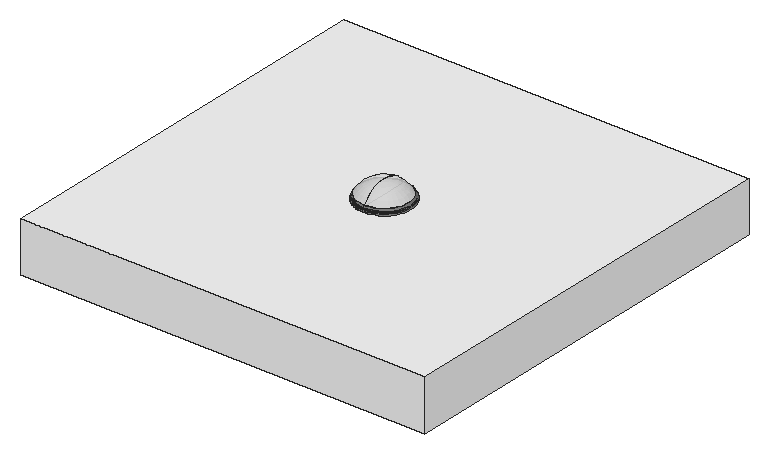
Revit family "Sarlam_Eclairage_Hublot_Astreo_T1_Diam_330mm_800Lm", category Luminaires, Revit 2020
Family settings
  Hôte = Face
  Cote de connecteur circulaire = Utiliser le diamètre
  Type d'élément = Normal
  Couper avec des vides une fois chargée = Non
  Source d'éclairage = Oui
  Partagée = Non
  Point de calcul de pièce = Non
Parameters (values of type "Détection ANTHRACITE")
  Zone plafond formes 8à9 [instance] = and(Diamètre externe = 328 mm, or(Standard Forme 8), not([Afficher la zone de détection-pose murale]), [Afficher la zone de détection-pose plafond])  # no
  Zone murale formes 8à9 [instance] = and(Diamètre externe = 328 mm, or(Standard Forme 8), [Afficher la zone de détection-pose murale], not([Afficher la zone de détection-pose plafond]))  # no
  Zone de détection = "Détection à 2,5m haut Plafond: Ø12m maxi Mur: Ellipse 10*8m"
  URL = "http://www.legrandoc.com/SL532186"
  Type de variation = "Non régulable"
  Type de tension = "CA"
  Tension nominale (Un) V MIN = 207
  Tension nominale (Un) V MAX = 253
  built-in parameter 1150107 = 3200 (stored number, unit not read)
  Température de couleur K MIN = 4000
  Température de couleur K MAX = 4000
  Standard Forme 8 = yes
  Source lumineuse = "Led non interchangeable"
  Répartition lumineuse = "Symétrique"
  Puissance du système W = 11
  Puissance de la source lumineuse W = ""
  Puissance de la lampe en Multiwatt = "Autre"
  Wattage = 9.2903 W
  built-in parameter 1150110 = 1 (stored number, unit not read)
  built-in parameter 1150109 = 1 (stored number, unit not read)
  built-in parameter 1114218 = 1 (stored number, unit not read)
  built-in parameter 1150113 = 1 (stored number, unit not read)
  built-in parameter 1150112 = 1 (stored number, unit not read)
  built-in parameter 1150137 = (empty or 0)
  built-in parameter 1150132 = (empty or 0)
  Modèle = "SL-532186"
  Longueur d'encastrement = 0 mm
  Longueur = 328 mm
  Largeur d'encastrement = 328 mm
  Largeur = 328 mm
  built-in parameter 1150105 = 109.82 (stored number, unit not read)
  built-in parameter 1150102 = (empty or 0)
  Hauteur/profondeur d'encastrement = 0 mm
  Hauteur/profondeur = 107 mm
  Dimming Lamp Color Temperature Shift = (empty or 0)
  Lumens = 1380 lm
  Color Filter = 16777215
  Fichier de distribution photométrique = "SL532080.ies"
  built-in parameter 1114217 = 1 (stored number, unit not read)
  built-in parameter 1150139 = (empty or 0)
  Fabricant = "LEGRAND"
  Emettre à partir du diamètre du cercle = 250 mm
  Emettre la visibilité des formes dans le rendu = no
  built-in parameter 1150104 = 13.8 (stored number, unit not read)
  built-in parameter 1150106 = 1.0982 (stored number, unit not read)
  built-in parameter 1150115 = 1 (stored number, unit not read)
  built-in parameter 1150114 = 1 (stored number, unit not read)
  Diamètre externe = 328 mm
  Diamètre d'encastrement = 0 mm
  Description = "ASTREO 800LM 4000K  STANDARD DETECTION ANTHRACITE"
  built-in parameter 1150138 = (empty or 0)
  built-in parameter 1150134 = 3
  Condition Générale d'Utilisation = "https://export.legrand.com/CGU-objets-BIM"
  Angle de l'inclinaison = 0.00°
  Afficher la zone de détection-pose plafond [instance] = no
  Afficher la zone de détection-pose murale [instance] = no
  Matériau du boîtier/corps = Plastique
  Indice de rendu des couleurs CRI = "80-89"
  Indice de protection contre les chocs (IK) = "IK07"
  Indice de protection (IP) = "IP44"
  Flux lumineux utile lm = 800
  Default Elevation = 2500 mm
  Douille = "Sans"
  Courant nominal mA MIN = 61
  Courant nominal mA MAX = 84
  Couleur du boîtier/corps = LEGRAND - Anthracite
  Classe de protection = "II"
  Avec détecteur de mouvement = yes
  Avec détecteur crépusculaire = no
  Appareillage = "Appareil à LED commandé en courant"
  Angle du faisceau = "Faisceau libre"
  Afficher l'étiquette de zone [instance] = no
  Adapté à une suspension = no
  Adapté à un montage encastré = no
  Adapté à un montage en saillie = yes
  Adapté à un montage en applique = yes
  Adapté à un montage au plafond = yes
  built-in parameter 1150133 = 10 (stored number, unit not read)
Types (4, lengths in mm): name | Zone de détection | URL | Puissance du système W | Modèle | Description | Couleur du boîtier/corps | Avec détecteur de mouvement
  ON/OFF BLANC | "" | "http://www.legrandoc.com/SL532180" | 10.5 | "SL-532180" | "ASTREO 800LM 4000K  STANDARD ON/OFF BLANC" | LEGRAND - Blanc | no
  ON/OFF ANTHRACITE | "" | "http://www.legrandoc.com/SL532181" | 10.5 | "SL-532181" | "ASTREO 800LM 4000K  STANDARD ON/OFF ANTHRACITE" | LEGRAND - Anthracite | no
  Détection BLANC | "Détection à 2,5m haut Plafond: Ø12m maxi Mur: Ellipse 10*8m" | "http://www.legrandoc.com/SL532185" | 11 | "SL-532185" | "ASTREO 800LM 4000K  STANDARD DETECTION BLANC" | LEGRAND - Blanc | yes
  Détection ANTHRACITE | "Détection à 2,5m haut Plafond: Ø12m maxi Mur: Ellipse 10*8m" | "http://www.legrandoc.com/SL532186" | 11 | "SL-532186" | "ASTREO 800LM 4000K  STANDARD DETECTION ANTHRACITE" | LEGRAND - Anthracite | yes
Reference planes
  plane 1 "Centre (avant/arrière)": y = 0
  plane 2: z = 0
  plane 3 "Centre (gauche/droite)": x = 0
  plane 4: z = 127
Forms (mm)
  Extrusion 1, solid, material "Blanc"
    sketch origin (0, 0, 0) x (1, 0, 0) y (0, 1, 0)
      loop
        line (-1219.2, 1219.2) -> (-1219.2, -1219.2) -> (1219.2, -1219.2) -> (1219.2, 1219.2) -> (-1219.2, 1219.2)
    from 0 to -304.8
Lines and regions (mm)
  model lines, not visible
    curve 1: line (0, 0, 0) -> (0, 0, 2230)
    curve 2: line (0, 0, 0) -> (0, 3300, 0)
    curve 3: line (0, 0, 0) -> (-2620, 0, 0)
Dimensions and locks
  level to plane 4 = 127 mm
  aligned and locked: plane 2 to Extrusion 1
  aligned and locked: level to Extrusion 1
  aligned and locked: imposter light to plane 4
  aligned and locked: plane 3 "Centre (gauche/droite)" to imposter light
Nested families
  nested 1: "Zone de détection murale Chartres-Astreo" at (0, 0, 0) x (0, 0, 1) z (0, -1, 0), visible <- "Afficher la zone de détection-pose murale", type "Zone de détection murale"
  nested 2: "Formes 1-2-3-4-6-7-8-9" at (0, 0, 0), type "Formes"
    with Standard Forme 8 yes
  nested 3: "Zone de détection plafond Chartres-Astreo" at (0, 0, 2500), visible <- "Afficher la zone de détection-pose plafond", type "Zone de détection plafond"
    with Zone plafond Formes 8à9 no
  nested 4: "Zone de détection murale Chartres-Astreo" at (0, 0, 0) x (0, 0, 1) z (1, 0, 0), visible <- "Afficher la zone de détection-pose murale", type "Zone de détection murale"
  nested 5: "Etiquette de zone" at (-35, 244, 0) x (-1, 0, 0) z (0, 0, 1), visible <- "Afficher l'étiquette de zone", type "Etiquette de zone"
Connectors
  electrical at (0, 0, 0)
    settings: on nested 2, index 1, voltage 230 V, apparent load 0 VA, apparent load phase1 0 VA, apparent load phase2 0 VA, apparent load phase3 0 VA, power factor 1, load classification "Eclairage", number of poles 1, system type 30, power factor state 1, is connector primary yes, connector utility no, sub classification motor no, connector description ""
Definition of nested family "Formes 1-2-3-4-6-7-8-9"
  Parameters (values of type "Formes")
    Standard Forme 8 = no
    Standard Formes 1-3-6 = no
    Matériau hublot = none
    Matériau corps = none
    Fl = if(Diamètre total < 325 mm, 70 mm, if(Diamètre total = 328 mm, 107 mm, 90 mm))  # 107 mm
    Default Elevation = 0 mm
    Dimension hublot = if(Diamètre total = 300 mm, 121.1 mm, if(Diamètre total = 322 mm, 129.3 mm, if(Diamètre total = 328 mm, 148.6 mm, if(Diamètre total = 420 mm, 179.2 mm, 185.3 mm))))  # 148.6 mm
    Diamètre total = 328 mm
    Courbure = if(Diamètre total = 300 mm, 195.7 mm, if(Diamètre total = 322 mm, 220.2 mm, if(Diamètre total = 328 mm, 179.2 mm, if(Diamètre total = 420 mm, 290 mm, 307.8 mm))))  # 179.2 mm
    Couleur corps = none
    Antivandale Forme 9 = no
    Antivandale Formes 2-4-7 = no
  Reference planes
    plane 1 "Centre (avant/arrière)": y = 0
    plane 2: z = 0
    plane 3 "Centre (gauche/droite)": x = 0
    plane 4: y = 164
    plane 5: y = -164
    plane 6: y = 148.6
  Forms (mm)
    Revolve 1, solid, material <- "Matériau hublot"
      sketch origin (0, 0, 0) x (0, 0, -1) y (0, 1, 0)
        loop
          arc (-28, 148.6) -> (-86.03, 84.151) -> (-107, 0) r 179.2
          line (-107, 0) -> (-28, 0) -> (-28, 148.6)
        axis (-28, 0) -> (-107, 0)
      angle from 0 to 360
  Dimensions and locks
    equal spacing: plane 4, plane 1 "Centre (avant/arrière)", plane 5
    "Diamètre total": plane 4 to plane 5
    equal spacing: plane 5, plane 1 "Centre (avant/arrière)", plane 4
    "Dimension hublot": plane 1 "Centre (avant/arrière)" to plane 6
    "Fl": Revolve 1 sketch curve to plane 2
    "Courbure": radius of Revolve 1 sketch curve
    aligned and locked: level to plane 2
    aligned and locked: plane 6 to Revolve 1 sketch curve
    aligned and locked: plane 2 to nested 2
  Automatic sketch dimensions
    Revolve 1 sketch curve to plane 1 "Centre (avant/arrière)" = 0 mm  (x2)
    level to Revolve 1 sketch curve = 28 mm
    Revolve 1 sketch curve to Revolve 1 sketch curve = 1811.469 mm
    Revolve 1 sketch curve to Revolve 1 sketch curve = 1147.22 mm
  Nested families
    nested 1: "Corps standard Formes 1-3-6" at (0, 0, 0), visible <- "Standard Formes 1-3-6", type "Corps standard Formes 1-3-6"
      with Diamètre 328 mm
    nested 2: "Corps antivandale Formes 2-4-7" at (0, 0, 0), visible <- "Antivandale Formes 2-4-7", type "Corps antivandale Formes 2-4-7"
      with Diamètre 328 mm
    nested 3: "Corps standard Forme 8" at (0, 0, 0), visible <- "Standard Forme 8", type "Corps standard Forme 8"
    nested 4: "Corps antivandale Forme 9" at (0, 0, 0), visible <- "Antivandale Forme 9", type "Corps antivandale Forme 9"
  Definition of nested family "Corps standard Formes 1-3-6"
    Parameters (values of type "Corps standard")
      Matériau corps = none
      Default Elevation = 0 mm
      Couleur corps = none
      Diamètre = 322 mm
      Courbure = if(Diamètre < 400 mm, 195.7 mm, 290 mm)  # 195.7 mm
    Reference planes
      plane 1 "Centre (avant/arrière)": y = 0
      plane 2: z = 0
      plane 3 "Centre (gauche/droite)": x = 0
      plane 4: y = 161
      plane 5: y = -161
      plane 6: z = 28
    Forms (mm)
      Revolve 1, solid, material <- "Couleur corps"
        sketch origin (0, 0, 0) x (0, 0, -1) y (0, 1, 0)
          loop
            line (0, 0) -> (0, 161)
            arc (0, 161) -> (-14.55, 149.906) -> (-28, 137.502) r 195.7
            line (-28, 137.502) -> (-28, 0) -> (0, 0)
          axis (0, 0) -> (-28, 0)
        angle from 0 to 360
    Dimensions and locks
      equal spacing: plane 4, plane 1 "Centre (avant/arrière)", plane 5
      "Diamètre": plane 4 to plane 5
      equal spacing: plane 5, plane 1 "Centre (avant/arrière)", plane 4
      "Courbure": radius of Revolve 1 sketch curve
      aligned and locked: level to plane 2
      aligned and locked: plane 2 to Revolve 1  (x2)
      aligned and locked: Revolve 1 to plane 2
      aligned and locked: plane 6 to Revolve 1
    Automatic sketch dimensions
      Revolve 1 sketch curve to plane 1 "Centre (avant/arrière)" = 0 mm  (x3)
      Revolve 1 sketch curve to plane 6 = 0 mm
      Revolve 1 sketch curve to level = 0 mm
      Revolve 1 sketch curve to plane 4 = 0 mm
      plane 6 to Revolve 1 sketch curve = 1833.51 mm
      Revolve 1 sketch curve to Revolve 1 sketch curve = 1167.217 mm
  Definition of nested family "Corps antivandale Formes 2-4-7"
    Parameters (values of type "Corps antivandale")
      Rayon réseau vis = if(Diamètre < 400 mm, 137.2 mm, 193.2 mm)  # 137.2 mm
      Matériau corps = none
      Default Elevation = 0 mm
      Diamètre = 322 mm
      Courbure = if(Diamètre < 400 mm, 220.2 mm, 307.8 mm)  # 220.2 mm
      Couleur corps = none
    Reference planes
      plane 1 "Centre (avant/arrière)": y = 0
      plane 2: z = 0
      plane 3 "Centre (gauche/droite)": x = 0
      plane 4: y = 161
      plane 5: y = -161
      plane 6: z = 28
      plane 7: through (0, 0, 1200) normal (0.5, 0.866, 0)
      plane 8: through (0, 0, 1200) normal (0.5, -0.866, 0)
    Forms (mm)
      Revolve 1, solid, material <- "Couleur corps"
        sketch origin (0, 0, 0) x (0, 0, -1) y (0, 1, 0)
          loop
            line (0, 0) -> (0, 161)
            arc (0, 161) -> (-14.762, 145.835) -> (-28, 129.323) r 220.2
            line (-28, 129.323) -> (-28, 0) -> (0, 0)
          axis (0, 0) -> (-28, 0)
        angle from 0 to 360
      Extrusion 2, solid, material <- "Couleur corps"
        sketch origin (0, -0.04, 0) x (1, 0, 0) y (0, 1, 0)
          loop
            line (-4, 129.32) -> (-4, 137.3)
            arc (-4, 137.3) -> (0, 141.3) -> (4, 137.3) r 4
            line (4, 137.3) -> (4, 129.32)
            arc (4, 129.32) -> (5, 129.285) -> (6, 129.243) r 129.323
            line (6, 129.243) -> (6, 137.3)
            arc (6, 137.3) -> (0, 143.3) -> (-6, 137.3) r 6
            line (-6, 137.3) -> (-6, 129.243)
            arc (-6, 129.243) -> (-5, 129.285) -> (-4, 129.32) r 129.323
        from 15.189 to 28
      Extrusion 3, solid, material <- "Couleur corps"
        sketch origin (-0.035, 0.02, 0) x (-0.5, -0.866025, 0) y (0.866025, -0.5, 0)
          loop
            line (-4, 129.32) -> (-4, 137.3)
            arc (-4, 137.3) -> (0, 141.3) -> (4, 137.3) r 4
            line (4, 137.3) -> (4, 129.32)
            arc (4, 129.32) -> (5, 129.285) -> (6, 129.243) r 129.323
            line (6, 129.243) -> (6, 137.3)
            arc (6, 137.3) -> (0, 143.3) -> (-6, 137.3) r 6
            line (-6, 137.3) -> (-6, 129.243)
            arc (-6, 129.243) -> (-5, 129.285) -> (-4, 129.32) r 129.323
        from 15.189 to 28
      Extrusion 4, solid, material <- "Couleur corps"
        sketch origin (0.035, 0.02, 0) x (-0.5, 0.866025, 0) y (-0.866025, -0.5, 0)
          loop
            line (-4, 129.32) -> (-4, 137.3)
            arc (-4, 137.3) -> (0, 141.3) -> (4, 137.3) r 4
            line (4, 137.3) -> (4, 129.32)
            arc (4, 129.32) -> (5, 129.285) -> (6, 129.243) r 129.323
            line (6, 129.243) -> (6, 137.3)
            arc (6, 137.3) -> (0, 143.3) -> (-6, 137.3) r 6
            line (-6, 137.3) -> (-6, 129.243)
            arc (-6, 129.243) -> (-5, 129.285) -> (-4, 129.32) r 129.323
        from 15.189 to 28
      Revolve 5, solid
        sketch origin (0, 0.018, -12.656) x (0, 1, 0) y (0, 0, 1)
          loop
            line (136.525, 38.942) -> (136.525, 29.094) -> (136.962, 29.907) -> (137.751, 35.518) -> (140.148, 38.942) -> (136.525, 38.942)
          axis (136.525, 29.094) -> (136.525, 38.942)
        angle from 0 to 360
      Revolve 6, solid
        sketch origin (0.016, -0.009, -12.656) x (0.866025, -0.5, 0) y (0, 0, 1)
          loop
            line (136.525, 38.942) -> (136.525, 29.094) -> (136.962, 29.907) -> (137.751, 35.518) -> (140.148, 38.942) -> (136.525, 38.942)
          axis (136.525, 29.094) -> (136.525, 38.942)
        angle from 0 to 360
      Revolve 7, solid
        sketch origin (-0.016, -0.009, -12.656) x (-0.866025, -0.5, 0) y (0, 0, 1)
          loop
            line (136.525, 38.942) -> (136.525, 29.094) -> (136.962, 29.907) -> (137.751, 35.518) -> (140.148, 38.942) -> (136.525, 38.942)
          axis (136.525, 29.094) -> (136.525, 38.942)
        angle from 0 to 360
    Cuts and joins
      joined: Revolve 1, Extrusion 2
    Lines and regions (mm)
      model lines
        curve 1: line (-2.5, 136.543, 26.285) -> (2.5, 136.543, 26.285)
        curve 2: line (0, 138.995, 26.285) -> (0, 133.995, 26.285)
        curve 3: line (119.5, -66.107, 26.285) -> (117, -70.437, 26.285)
        curve 4: line (120.373, -69.497, 26.285) -> (116.043, -66.997, 26.285)
        curve 5: line (-117, -70.437, 26.285) -> (-119.5, -66.107, 26.285)
        curve 6: line (-120.373, -69.497, 26.285) -> (-116.043, -66.997, 26.285)
    Dimensions and locks
      equal spacing: plane 4, plane 1 "Centre (avant/arrière)", plane 5
      "Diamètre": plane 4 to plane 5
      equal spacing: plane 5, plane 1 "Centre (avant/arrière)", plane 4
      "Courbure": radius of Revolve 1 sketch curve
      "Rayon réseau vis": radius of radial array
      aligned and locked: level to plane 2
      aligned and locked: plane 2 to Revolve 1  (x2)
      aligned and locked: Revolve 1 to plane 2
      aligned and locked: plane 6 to Revolve 1
    Automatic sketch dimensions
      Extrusion 2 sketch curve to Extrusion 2 sketch curve = 0 mm  (x9)
      Extrusion 2 sketch curve to Extrusion 2 sketch curve = 7.98 mm
      Extrusion 2 sketch curve to Extrusion 2 sketch curve = 0.077 mm
      Extrusion 2 sketch curve to Extrusion 2 sketch curve = 2 mm
      Extrusion 2 sketch curve to Extrusion 2 sketch curve = 4 mm
      Extrusion 2 sketch curve to Extrusion 2 sketch curve = 6 mm
      Extrusion 3 sketch curve to Extrusion 3 sketch curve = 0 mm  (x9)
      Extrusion 3 sketch curve to Extrusion 3 sketch curve = 7.98 mm
      Extrusion 3 sketch curve to Extrusion 3 sketch curve = 0.077 mm
      Extrusion 3 sketch curve to Extrusion 3 sketch curve = 2 mm
      Extrusion 3 sketch curve to Extrusion 3 sketch curve = 4 mm
      Extrusion 3 sketch curve to Extrusion 3 sketch curve = 6 mm
      Extrusion 4 sketch curve to Extrusion 4 sketch curve = 0 mm  (x9)
      Extrusion 4 sketch curve to Extrusion 4 sketch curve = 7.98 mm
      Extrusion 4 sketch curve to Extrusion 4 sketch curve = 0.077 mm
      Extrusion 4 sketch curve to Extrusion 4 sketch curve = 2 mm
      Extrusion 4 sketch curve to Extrusion 4 sketch curve = 4 mm
      Extrusion 4 sketch curve to Extrusion 4 sketch curve = 6 mm
      Revolve 7 sketch curve to Revolve 7 sketch curve = 0.437 mm  (x2)
      Revolve 7 sketch curve to Revolve 7 sketch curve = 1.226 mm  (x2)
      Revolve 7 sketch curve to Revolve 7 sketch curve = 2.397 mm
      Revolve 7 sketch curve to Revolve 7 sketch curve = 0.813 mm  (x2)
      Revolve 7 sketch curve to Revolve 7 sketch curve = 5.611 mm  (x2)
      Revolve 7 sketch curve to Revolve 7 sketch curve = 3.424 mm  (x2)
      Revolve 7 sketch curve to Revolve 7 sketch curve = 0 mm  (x2)
      Revolve 7 sketch curve to Revolve 7 sketch curve = 0.975 mm
      Revolve 7 sketch curve to Revolve 7 sketch curve = 3.281 mm  (x2)
      Revolve 5 sketch curve to Revolve 5 sketch curve = 0.437 mm  (x2)
      Revolve 5 sketch curve to Revolve 5 sketch curve = 1.226 mm  (x2)
      Revolve 5 sketch curve to Revolve 5 sketch curve = 3.623 mm
      Revolve 5 sketch curve to Revolve 5 sketch curve = 5.611 mm  (x2)
      Revolve 5 sketch curve to Revolve 5 sketch curve = 3.424 mm  (x2)
      Revolve 5 sketch curve to Revolve 5 sketch curve = 0 mm  (x2)
      Revolve 5 sketch curve to Revolve 5 sketch curve = 0.813 mm  (x2)
      Revolve 5 sketch curve to Revolve 5 sketch curve = 0.162 mm
      Revolve 5 sketch curve to Revolve 5 sketch curve = 3.281 mm  (x2)
      Revolve 6 sketch curve to Revolve 6 sketch curve = 0.437 mm  (x2)
      Revolve 6 sketch curve to Revolve 6 sketch curve = 1.226 mm  (x2)
      Revolve 6 sketch curve to Revolve 6 sketch curve = 3.623 mm
      Revolve 6 sketch curve to Revolve 6 sketch curve = 5.611 mm  (x2)
      Revolve 6 sketch curve to Revolve 6 sketch curve = 3.424 mm  (x2)
      Revolve 6 sketch curve to Revolve 6 sketch curve = 0 mm  (x2)
      Revolve 6 sketch curve to Revolve 6 sketch curve = 0.813 mm  (x2)
      Revolve 6 sketch curve to Revolve 6 sketch curve = 0.162 mm
      Revolve 6 sketch curve to Revolve 6 sketch curve = 3.281 mm  (x2)
      Revolve 7 sketch curve to Revolve 7 sketch curve = 3.623 mm
      Revolve 7 sketch curve to Revolve 7 sketch curve = 0.162 mm
      curve 2 to Revolve 5 = 0 mm
      curve 2 to curve 1 = 2.548 mm
      curve 1 to curve 2 = 2.452 mm
      Revolve 5 to curve 1 = 2.5 mm
      curve 1 to Revolve 5 = 2.5 mm
      curve 4 to Revolve 6 = 0 mm
      curve 4 to curve 3 = 2.548 mm
      curve 3 to curve 4 = 2.452 mm
      Revolve 6 to curve 3 = 2.5 mm
      curve 3 to Revolve 6 = 2.5 mm
      curve 6 to Revolve 7 = 0 mm
      curve 6 to curve 5 = 2.548 mm
      curve 5 to curve 6 = 2.452 mm
      Revolve 7 to curve 5 = 2.5 mm
      curve 5 to Revolve 7 = 2.5 mm
      Revolve 5 sketch curve to Revolve 5 sketch curve = 2.397 mm
      Revolve 5 sketch curve to Revolve 5 sketch curve = 0.975 mm
      Revolve 6 sketch curve to Revolve 6 sketch curve = 2.397 mm
      Revolve 6 sketch curve to Revolve 6 sketch curve = 0.975 mm
      Revolve 1 sketch curve to plane 1 "Centre (avant/arrière)" = 0 mm  (x3)
      Revolve 1 sketch curve to plane 6 = 0 mm
      Revolve 1 sketch curve to level = 0 mm
      Revolve 1 sketch curve to plane 4 = 0 mm
      plane 6 to Revolve 1 sketch curve = 1833.51 mm
      Revolve 1 sketch curve to Revolve 1 sketch curve = 1128.321 mm
  Definition of nested family "Corps standard Forme 8"
    Parameters (values of type "Corps standard Forme 8")
      Matériau corps = none
      Default Elevation = 0 mm
      Couleur corps = none
      Diamètre = 328 mm
    Reference planes
      plane 1 "Centre (avant/arrière)": y = 0
      plane 2: z = 0
      plane 3 "Centre (gauche/droite)": x = 0
      plane 4: y = 164
      plane 5: y = -164
      plane 6: z = 28
      plane 7: y = 7.5
      plane 8: y = -7.5
    Forms (mm)
      Revolve 1, solid, material <- "Couleur corps"
        sketch origin (0, 0, 0) x (0, 0, -1) y (0, 1, 0)
          loop
            line (0, 0) -> (0, 164)
            arc (0, 164) -> (-14.345, 156.905) -> (-28, 148.559) r 179.182
            line (-28, 148.559) -> (-28, 0) -> (0, 0)
          axis (0, 0) -> (-28, 0)
        angle from 0 to 360
      Sweep 2, void
        path origin (0, 0, 0) x (1, 0, 0) y (0, 1, 0)
          loop
            arc (153.049, 7.5) -> (0, 153.232) -> (-153.049, 7.5) r 153.232
        profile origin (0, 153.232, 0) x (0, -1, 0) y (0, 0, 1)
          loop
            line (-5.469, 6.213) -> (-10.469, 16.465) -> (-10.469, 6.213) -> (-5.469, 6.213)
      Sweep 3, void
        path origin (0, 0, 0) x (1, 0, 0) y (0, 1, 0)
          loop
            arc (153.049, 7.5) -> (0, 153.232) -> (-153.049, 7.5) r 153.232
        profile origin (0, 153.232, 0) x (0, -1, 0) y (0, 0, 1)
          loop
            line (-1.643, 13.471) -> (-6.643, 23.723) -> (-6.643, 13.471) -> (-1.643, 13.471)
      Sweep 4, void
        path origin (0, 0, 0) x (1, 0, 0) y (0, -1, 0)
          loop
            arc (153.049, 7.5) -> (0, 153.232) -> (-153.049, 7.5) r 153.232
        profile origin (0, -153.232, 0) x (0, -1, 0) y (0, 0, 1)
          loop
            line (1.643, 13.471) -> (6.643, 13.471) -> (6.643, 23.723) -> (1.643, 13.471)
      Sweep 5, void
        path origin (0, 0, 0) x (1, 0, 0) y (0, -1, 0)
          loop
            arc (153.049, 7.5) -> (0, 153.232) -> (-153.049, 7.5) r 153.232
        profile origin (0, -153.232, 0) x (0, -1, 0) y (0, 0, 1)
          loop
            line (5.469, 6.213) -> (10.469, 6.213) -> (10.469, 16.465) -> (5.469, 6.213)
    Cuts and joins
      Sweep 2, Sweep 3, Sweep 4, Sweep 5 cuts Revolve 1
    Dimensions and locks
      equal spacing: plane 4, plane 1 "Centre (avant/arrière)", plane 5
      "Diamètre": plane 4 to plane 5
      equal spacing: plane 5, plane 1 "Centre (avant/arrière)", plane 4
      aligned and locked: level to plane 2
      aligned and locked: plane 2 to Revolve 1  (x2)
      aligned and locked: Revolve 1 to plane 2
      aligned and locked: plane 6 to Revolve 1
    Automatic sketch dimensions
      Sweep 2 sketch curve to plane 7 = 0 mm  (x2)
      plane 1 "Centre (avant/arrière)" to Sweep 2 sketch curve = 0 mm
      Sweep 2 sketch curve to plane 3 "Centre (gauche/droite)" = 0 mm
      Sweep 2 sketch curve to plane 3 "Centre (gauche/droite)" = 153.049 mm
      Sweep 3 sketch curve to plane 7 = 0 mm  (x2)
      plane 1 "Centre (avant/arrière)" to Sweep 3 sketch curve = 0 mm
      Sweep 3 sketch curve to plane 3 "Centre (gauche/droite)" = 0 mm
      Sweep 3 sketch curve to plane 3 "Centre (gauche/droite)" = 153.049 mm
      Sweep 4 sketch curve to plane 8 = 0 mm  (x2)
      plane 1 "Centre (avant/arrière)" to Sweep 4 sketch curve = 0 mm
      Sweep 4 sketch curve to plane 3 "Centre (gauche/droite)" = 0 mm
      plane 3 "Centre (gauche/droite)" to Sweep 4 sketch curve = 153.049 mm
      Sweep 5 sketch curve to plane 8 = 0 mm  (x2)
      plane 1 "Centre (avant/arrière)" to Sweep 5 sketch curve = 0 mm
      Sweep 5 sketch curve to plane 3 "Centre (gauche/droite)" = 0 mm
      plane 3 "Centre (gauche/droite)" to Sweep 5 sketch curve = 153.049 mm
      Revolve 1 sketch curve to plane 1 "Centre (avant/arrière)" = 0 mm  (x3)
      Revolve 1 sketch curve to plane 6 = 0 mm
      Revolve 1 sketch curve to level = 0 mm
      Revolve 1 sketch curve to plane 4 = 0 mm
      Revolve 1 sketch curve to Revolve 1 sketch curve = 72.182 mm
      plane 6 to Revolve 1 sketch curve = 1833.51 mm
      Revolve 1 sketch curve to Revolve 1 sketch curve = 1201.817 mm
      profile plane to Sweep 2 sketch curve = 10.469 mm
      Sweep 2 sketch curve to Sweep 2 sketch curve = 5 mm
      level to Sweep 2 sketch curve = 6.213 mm
      Sweep 2 sketch curve to Sweep 2 sketch curve = 10.252 mm
      profile plane to Sweep 3 sketch curve = 6.643 mm
      profile plane to Sweep 3 sketch curve = 1.643 mm
      level to Sweep 3 sketch curve = 13.471 mm
      Sweep 3 sketch curve to Sweep 3 sketch curve = 10.252 mm
      Sweep 4 sketch curve to profile plane = 1.643 mm
      Sweep 4 sketch curve to profile plane = 6.643 mm
      level to Sweep 4 sketch curve = 13.471 mm
      Sweep 4 sketch curve to Sweep 4 sketch curve = 10.252 mm
      Sweep 5 sketch curve to profile plane = 5.469 mm
      Sweep 5 sketch curve to profile plane = 10.469 mm
      level to Sweep 5 sketch curve = 6.213 mm
      Sweep 5 sketch curve to Sweep 5 sketch curve = 10.252 mm
  Definition of nested family "Corps antivandale Forme 9"
    Parameters (values of type "Corps antivandale Forme 9")
      Matériau corps = none
      Default Elevation = 0 mm
      Couleur corps = none
      Diamètre = 328 mm
    Reference planes
      plane 1 "Centre (avant/arrière)": y = 0
      plane 2: z = 0
      plane 3 "Centre (gauche/droite)": x = 0
      plane 4: y = 164
      plane 5: y = -164
      plane 6: z = 28
      plane 7: y = 7.5
      plane 8: y = -7.5
    Forms (mm)
      Revolve 1, solid, material <- "Couleur corps"
        sketch origin (0, 0, 0) x (0, 0, -1) y (0, 1, 0)
          loop
            line (0, 0) -> (0, 164)
            arc (0, 164) -> (-14.345, 156.905) -> (-28, 148.559) r 179.182
            line (-28, 148.559) -> (-28, 0) -> (0, 0)
          axis (0, 0) -> (-28, 0)
        angle from 0 to 360
      Extrusion 2, void
        sketch origin (-1.406, 0, 0) x (1, 0, 0) y (0, 1, 0)
          loop
            circle (157.486, 0) r 5
        from 5.665 to 28
      Sweep 3, void
        path origin (0, 0, 0) x (1, 0, 0) y (0, 1, 0)
          loop
            arc (153.049, 7.5) -> (0, 153.232) -> (-153.049, 7.5) r 153.232
        profile origin (0, 153.232, 0) x (0, -1, 0) y (0, 0, 1)
          loop
            line (-5.469, 6.213) -> (-10.469, 16.465) -> (-10.469, 6.213) -> (-5.469, 6.213)
      Extrusion 4, void
        sketch origin (1.406, 0, 0) x (-1, 0, 0) y (0, -1, 0)
          loop
            circle (157.486, 0) r 5
        from 5.665 to 28
      Sweep 5, void
        path origin (0, 0, 0) x (1, 0, 0) y (0, 1, 0)
          loop
            arc (153.049, 7.5) -> (0, 153.232) -> (-153.049, 7.5) r 153.232
        profile origin (0, 153.232, 0) x (0, -1, 0) y (0, 0, 1)
          loop
            line (-1.643, 13.471) -> (-6.643, 23.723) -> (-6.643, 13.471) -> (-1.643, 13.471)
      Sweep 6, void
        path origin (0, 0, 0) x (1, 0, 0) y (0, -1, 0)
          loop
            arc (153.049, 7.5) -> (0, 153.232) -> (-153.049, 7.5) r 153.232
        profile origin (0, -153.232, 0) x (0, -1, 0) y (0, 0, 1)
          loop
            line (1.643, 13.471) -> (6.643, 13.471) -> (6.643, 23.723) -> (1.643, 13.471)
      Sweep 7, void
        path origin (0, 0, 0) x (1, 0, 0) y (0, -1, 0)
          loop
            arc (153.049, 7.5) -> (0, 153.232) -> (-153.049, 7.5) r 153.232
        profile origin (0, -153.232, 0) x (0, -1, 0) y (0, 0, 1)
          loop
            line (5.469, 6.213) -> (10.469, 6.213) -> (10.469, 16.465) -> (5.469, 6.213)
      Revolve 8, solid
        sketch origin (-156.149, -136.533, -30.469) x (0, 1, 0) y (0, 0, 1)
          loop
            line (136.525, 38.942) -> (136.525, 31.651) -> (137.319, 32.445) -> (137.923, 36.741) -> (139.106, 38.942) -> (136.525, 38.942)
          axis (136.525, 31.651) -> (136.525, 38.942)
        angle from 0 to 360
      Revolve 9, solid
        sketch origin (156.149, -136.533, -30.469) x (0, 1, 0) y (0, 0, -1)
          loop
            line (136.525, -38.942) -> (139.106, -38.942) -> (137.923, -36.741) -> (137.319, -32.445) -> (136.525, -31.651) -> (136.525, -38.942)
          axis (136.525, -31.651) -> (136.525, -38.942)
        angle from 0 to 360
    Cuts and joins
      Extrusion 2, Sweep 3, Extrusion 4, Sweep 5, Sweep 6, Sweep 7 cuts Revolve 1
    Lines and regions (mm)
      model lines
        curve 1: line (-156.149, 1.39, 8.473) -> (-156.149, -1.406, 8.473)
        curve 2: line (-157.503, 0, 8.473) -> (-154.615, 0, 8.473)
        curve 3: line (156.149, 1.39, 8.473) -> (156.149, -1.406, 8.473)
        curve 4: line (157.503, 0, 8.473) -> (154.615, 0, 8.473)
    Dimensions and locks
      equal spacing: plane 4, plane 1 "Centre (avant/arrière)", plane 5
      "Diamètre": plane 4 to plane 5
      equal spacing: plane 5, plane 1 "Centre (avant/arrière)", plane 4
      aligned and locked: level to plane 2
      aligned and locked: plane 2 to Revolve 1  (x2)
      aligned and locked: Revolve 1 to plane 2
      aligned and locked: plane 6 to Revolve 1
    Automatic sketch dimensions
      plane 1 "Centre (avant/arrière)" to Extrusion 2 sketch curve = 0 mm
      plane 3 "Centre (gauche/droite)" to Extrusion 2 sketch curve = 156.08 mm
      Sweep 3 sketch curve to plane 7 = 0 mm  (x2)
      plane 1 "Centre (avant/arrière)" to Sweep 3 sketch curve = 0 mm
      Sweep 3 sketch curve to plane 3 "Centre (gauche/droite)" = 0 mm
      Sweep 3 sketch curve to plane 3 "Centre (gauche/droite)" = 153.049 mm
      plane 1 "Centre (avant/arrière)" to Extrusion 4 sketch curve = 0 mm
      plane 3 "Centre (gauche/droite)" to Extrusion 4 sketch curve = 156.08 mm
      Sweep 5 sketch curve to plane 7 = 0 mm  (x2)
      plane 1 "Centre (avant/arrière)" to Sweep 5 sketch curve = 0 mm
      Sweep 5 sketch curve to plane 3 "Centre (gauche/droite)" = 0 mm
      Sweep 5 sketch curve to plane 3 "Centre (gauche/droite)" = 153.049 mm
      Sweep 6 sketch curve to plane 8 = 0 mm  (x2)
      plane 1 "Centre (avant/arrière)" to Sweep 6 sketch curve = 0 mm
      Sweep 6 sketch curve to plane 3 "Centre (gauche/droite)" = 0 mm
      plane 3 "Centre (gauche/droite)" to Sweep 6 sketch curve = 153.049 mm
      Sweep 7 sketch curve to plane 8 = 0 mm  (x2)
      plane 1 "Centre (avant/arrière)" to Sweep 7 sketch curve = 0 mm
      Sweep 7 sketch curve to plane 3 "Centre (gauche/droite)" = 0 mm
      plane 3 "Centre (gauche/droite)" to Sweep 7 sketch curve = 153.049 mm
      Revolve 1 sketch curve to plane 1 "Centre (avant/arrière)" = 0 mm  (x3)
      Revolve 1 sketch curve to plane 6 = 0 mm
      Revolve 1 sketch curve to level = 0 mm
      Revolve 1 sketch curve to plane 4 = 0 mm
      Revolve 1 sketch curve to Revolve 1 sketch curve = 72.182 mm
      plane 6 to Revolve 1 sketch curve = 1833.51 mm
      Revolve 1 sketch curve to Revolve 1 sketch curve = 1201.817 mm
      profile plane to Sweep 3 sketch curve = 10.469 mm
      Sweep 3 sketch curve to Sweep 3 sketch curve = 5 mm
      level to Sweep 3 sketch curve = 6.213 mm
      Sweep 3 sketch curve to Sweep 3 sketch curve = 10.252 mm
      profile plane to Sweep 5 sketch curve = 6.643 mm
      profile plane to Sweep 5 sketch curve = 1.643 mm
      level to Sweep 5 sketch curve = 13.471 mm
      Sweep 5 sketch curve to Sweep 5 sketch curve = 10.252 mm
      Sweep 6 sketch curve to profile plane = 1.643 mm
      Sweep 6 sketch curve to profile plane = 6.643 mm
      level to Sweep 6 sketch curve = 13.471 mm
      Sweep 6 sketch curve to Sweep 6 sketch curve = 10.252 mm
      Sweep 7 sketch curve to profile plane = 5.469 mm
      Sweep 7 sketch curve to profile plane = 10.469 mm
      level to Sweep 7 sketch curve = 6.213 mm
      Sweep 7 sketch curve to Sweep 7 sketch curve = 10.252 mm
      plane 1 "Centre (avant/arrière)" to Revolve 8 sketch curve = 0.008 mm  (x2)
      Revolve 8 sketch curve to plane 1 "Centre (avant/arrière)" = 0.786 mm
      Revolve 8 sketch curve to plane 1 "Centre (avant/arrière)" = 1.39 mm
      Revolve 8 sketch curve to Revolve 8 sketch curve = 1.183 mm
      level to Revolve 8 sketch curve = 1.183 mm
      Revolve 8 sketch curve to Revolve 8 sketch curve = 0.794 mm
      Revolve 8 sketch curve to Revolve 8 sketch curve = 4.296 mm
      Revolve 8 sketch curve to Revolve 8 sketch curve = 2.201 mm
      Revolve 8 sketch curve to level = 0.4 mm
      Revolve 8 sketch curve to Revolve 8 sketch curve = 3.281 mm
      plane 1 "Centre (avant/arrière)" to Revolve 9 sketch curve = 0.008 mm  (x2)
      Revolve 9 sketch curve to plane 1 "Centre (avant/arrière)" = 0.786 mm
      Revolve 9 sketch curve to plane 1 "Centre (avant/arrière)" = 1.39 mm
      Revolve 9 sketch curve to Revolve 9 sketch curve = 1.183 mm
      level to Revolve 9 sketch curve = 8.473 mm
      Revolve 9 sketch curve to Revolve 9 sketch curve = 2.201 mm
      level to Revolve 9 sketch curve = 1.977 mm
      Revolve 9 sketch curve to Revolve 9 sketch curve = 0.794 mm
      Revolve 9 sketch curve to Revolve 9 sketch curve = 3.281 mm
      Revolve 9 sketch curve to level = 0.4 mm
      curve 1 to Revolve 8 = 0 mm
      curve 1 to curve 3 = 0 mm
      curve 1 to curve 2 = 1.406 mm
      curve 3 to curve 4 = 1.406 mm
      curve 4 to curve 3 = 1.39 mm
      curve 2 to curve 1 = 1.39 mm
      Revolve 8 to curve 2 = 1.534 mm
      curve 4 to curve 2 = 309.23 mm
      curve 3 to curve 4 = 1.534 mm
      curve 4 to curve 3 = 1.354 mm
      curve 2 to Revolve 8 = 1.354 mm
      radius of Extrusion 2 sketch curve = 5 mm
      radius of Extrusion 4 sketch curve = 5 mm
Definition of nested family "Zone de détection murale Chartres-Astreo"
  Parameters (values of type "Zone de détection murale")
    Zone murale Formes 8à9 = no
    Zone murale Formes 1à7 = no
  Reference planes
    plane 1 "Centre (avant/arrière)": y = 0
    plane 2: z = 0
    plane 3 "Centre (gauche/droite)": x = 0
    plane 4: x = 3500
    plane 5: y = 1000
    plane 6: x = 10000
    plane 7: y = 3500
    plane 8: x = 13000
    plane 9: y = 4000
    plane 10: x = 17000
    plane 11: y = 8000
    plane 12: x = 6000
    plane 13: x = 8000
  Lines and regions (mm)
    detail lines, in view "Niveau de réf.", visible <- "Zone murale Formes 1à7"
      curve 1: spline (0, 0, 0) -> (59.63, 258.819, 0) -> (234.456, 500, 0) -> (512.563, 707.107, 0) -> (875, 866.025, 0) -> (1297.067, 965.926, 0) -> (1750, 1000, 0) -> (2202.933, 965.926, 0) -> (2625, 866.025, 0) -> (2987.437, 707.107, 0) -> (3265.544, 500, 0) -> (3440.37, 258.819, 0) -> (3500, 0, 0) -> (3440.37, -258.819, 0) -> (3265.544, -500, 0) -> (2987.437, -707.107, 0) -> (2625, -866.025, 0) -> (2202.933, -965.926, 0) -> (1750, -1000, 0) -> (1297.067, -965.926, 0) -> (875, -866.025, 0) -> (512.563, -707.107, 0) -> (234.456, -500, 0) -> (59.63, -258.819, 0) -> (0, 0, 0)
      curve 2: spline (0, 0, 0) -> (170.371, 905.867, 0) -> (669.873, 1750, 0) -> (1464.466, 2474.874, 0) -> (2500, 3031.089, 0) -> (3705.905, 3380.74, 0) -> (5000, 3500, 0) -> (6294.095, 3380.74, 0) -> (7500, 3031.089, 0) -> (8535.534, 2474.874, 0) -> (9330.127, 1750, 0) -> (9829.629, 905.867, 0) -> (10000, 0, 0) -> (9829.629, -905.867, 0) -> (9330.127, -1750, 0) -> (8535.534, -2474.874, 0) -> (7500, -3031.089, 0) -> (6294.095, -3380.74, 0) -> (5000, -3500, 0) -> (3705.905, -3380.74, 0) -> (2500, -3031.089, 0) -> (1464.466, -2474.874, 0) -> (669.873, -1750, 0) -> (170.371, -905.867, 0) -> (0, 0, 0)
      curve 3: spline (0, 0, 0) -> (221.482, 1035.276, 0) -> (870.835, 2000, 0) -> (1903.806, 2828.427, 0) -> (3250, 3464.102, 0) -> (4817.676, 3863.703, 0) -> (6500, 4000, 0) -> (8182.324, 3863.703, 0) -> (9750, 3464.102, 0) -> (11096.194, 2828.427, 0) -> (12129.165, 2000, 0) -> (12778.518, 1035.276, 0) -> (13000, 0, 0) -> (12778.518, -1035.276, 0) -> (12129.165, -2000, 0) -> (11096.194, -2828.427, 0) -> (9750, -3464.102, 0) -> (8182.324, -3863.703, 0) -> (6500, -4000, 0) -> (4817.676, -3863.703, 0) -> (3250, -3464.102, 0) -> (1903.806, -2828.427, 0) -> (870.835, -2000, 0) -> (221.482, -1035.276, 0) -> (0, 0, 0)
      curve 4: spline (0, 0, 0) -> (289.63, 2070.552, 0) -> (1138.784, 4000, 0) -> (2489.592, 5656.854, 0) -> (4250, 6928.203, 0) -> (6300.038, 7727.407, 0) -> (8500, 8000, 0) -> (10699.962, 7727.407, 0) -> (12750, 6928.203, 0) -> (14510.408, 5656.854, 0) -> (15861.216, 4000, 0) -> (16710.37, 2070.552, 0) -> (17000, 0, 0) -> (16710.37, -2070.552, 0) -> (15861.216, -4000, 0) -> (14510.408, -5656.854, 0) -> (12750, -6928.203, 0) -> (10699.962, -7727.407, 0) -> (8500, -8000, 0) -> (6300.038, -7727.407, 0) -> (4250, -6928.203, 0) -> (2489.592, -5656.854, 0) -> (1138.784, -4000, 0) -> (289.63, -2070.552, 0) -> (0, 0, 0)
    detail lines, in view "Niveau de réf.", visible <- "Zone murale Formes 8à9"
      curve 5: spline (0, 0, 0) -> (102.223, 258.819, 0) -> (401.924, 500, 0) -> (878.68, 707.107, 0) -> (1500, 866.025, 0) -> (2223.543, 965.926, 0) -> (3000, 1000, 0) -> (3776.457, 965.926, 0) -> (4500, 866.025, 0) -> (5121.32, 707.107, 0) -> (5598.076, 500, 0) -> (5897.777, 258.819, 0) -> (6000, 0, 0) -> (5897.777, -258.819, 0) -> (5598.076, -500, 0) -> (5121.32, -707.107, 0) -> (4500, -866.025, 0) -> (3776.457, -965.926, 0) -> (3000, -1000, 0) -> (2223.543, -965.926, 0) -> (1500, -866.025, 0) -> (878.68, -707.107, 0) -> (401.924, -500, 0) -> (102.223, -258.819, 0) -> (0, 0, 0)
      curve 6: spline (0, 0, 0) -> (136.297, 647.048, 0) -> (535.898, 1250, 0) -> (1171.573, 1767.767, 0) -> (2000, 2165.064, 0) -> (2964.724, 2414.815, 0) -> (4000, 2500, 0) -> (5035.276, 2414.815, 0) -> (6000, 2165.064, 0) -> (6828.427, 1767.767, 0) -> (7464.102, 1250, 0) -> (7863.703, 647.048, 0) -> (8000, 0, 0) -> (7863.703, -647.048, 0) -> (7464.102, -1250, 0) -> (6828.427, -1767.767, 0) -> (6000, -2165.064, 0) -> (5035.276, -2414.815, 0) -> (4000, -2500, 0) -> (2964.724, -2414.815, 0) -> (2000, -2165.064, 0) -> (1171.573, -1767.767, 0) -> (535.898, -1250, 0) -> (136.297, -647.048, 0) -> (0, 0, 0)
      curve 7: spline (0, 0, 0) -> (170.371, 1035.276, 0) -> (669.873, 2000, 0) -> (1464.466, 2828.427, 0) -> (2500, 3464.102, 0) -> (3705.905, 3863.703, 0) -> (5000, 4000, 0) -> (6294.095, 3863.703, 0) -> (7500, 3464.102, 0) -> (8535.534, 2828.427, 0) -> (9330.127, 2000, 0) -> (9829.629, 1035.276, 0) -> (10000, 0, 0) -> (9829.629, -1035.276, 0) -> (9330.127, -2000, 0) -> (8535.534, -2828.427, 0) -> (7500, -3464.102, 0) -> (6294.095, -3863.703, 0) -> (5000, -4000, 0) -> (3705.905, -3863.703, 0) -> (2500, -3464.102, 0) -> (1464.466, -2828.427, 0) -> (669.873, -2000, 0) -> (170.371, -1035.276, 0) -> (0, 0, 0)
  Dimensions and locks
    plane 3 "Centre (gauche/droite)" to plane 4 = 3500 mm
    plane 1 "Centre (avant/arrière)" to plane 5 = 1000 mm
    plane 3 "Centre (gauche/droite)" to plane 6 = 10000 mm
    plane 7 to plane 1 "Centre (avant/arrière)" = 3500 mm
    plane 3 "Centre (gauche/droite)" to plane 8 = 13000 mm
    plane 1 "Centre (avant/arrière)" to plane 9 = 4000 mm
    plane 3 "Centre (gauche/droite)" to plane 10 = 17000 mm
    plane 1 "Centre (avant/arrière)" to plane 11 = 8000 mm
    plane 3 "Centre (gauche/droite)" to plane 12 = 6000 mm
    plane 3 "Centre (gauche/droite)" to plane 13 = 8000 mm
Definition of nested family "Zone de détection plafond Chartres-Astreo"
  Parameters (values of type "Zone de détection plafond")
    Zone plafond Formes 8à9 = yes
    Zone plafond Formes 1à7 = no
  Reference planes
    plane 1 "Centre (avant/arrière)": y = 0
    plane 2: z = 0
    plane 3 "Centre (gauche/droite)": x = 0
  Lines and regions (mm)
    detail lines, in view "Niveau de réf.", visible <- "Zone plafond Formes 1à7"
      curve 1: circle (0, 0, 0) r 500 normal (0, 0, 1)
      curve 2: circle (0, 0, 0) r 1000 normal (0, 0, 1)
      curve 3: circle (0, 0, 0) r 2000 normal (0, 0, 1)
      curve 4: circle (0, 0, 0) r 3000 normal (0, 0, 1)
    detail lines, in view "Niveau de réf.", visible <- "Zone plafond Formes 8à9"
      curve 5: circle (0, 0, 0) r 1500 normal (0, 0, 1)
      curve 6: circle (0, 0, 0) r 4000 normal (0, 0, 1)
      curve 7: circle (0, 0, 0) r 6000 normal (0, 0, 1)
Definition of nested family "Etiquette de zone"
  Parameters (values of type "Etiquette de zone")
    Etiquette de zone = ""
  Reference planes
    plane 1: y = 0
    plane 2: x = 0
  Text (mm)
    label "Etiquette de zone" at (0.013, -4.46, 0), shows "Etiquette de zone"
